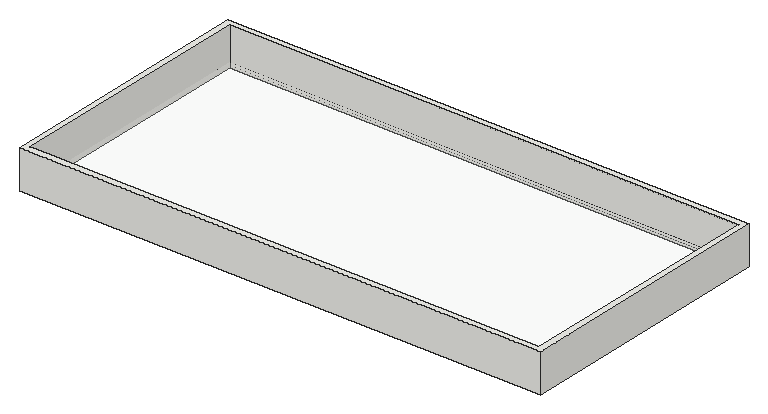
Revit family "LFX_A3-Ceiling-Linear", category Lighting Fixtures, host Ceiling, Revit 2016
Family settings
  Host = Ceiling
  Part Type = Normal
  Round Connector Dimension = Use Diameter
  Always vertical = No
  Cut with Voids When Loaded = No
  Light Source = Yes
  Shared = No
  Room Calculation Point = No
Parameters (values of type "0600 x 1200mm (2 Lamp)")
  Wattage = 32.3141 W
  built-in parameter 1150110 = 1 (stored number, unit not read)
  built-in parameter 1114217 = 1 (stored number, unit not read)
  built-in parameter 1150109 = 1 (stored number, unit not read)
  built-in parameter 1150134 = 3
  built-in parameter 1150113 = 1 (stored number, unit not read)
  Material Diffuser = Glass - White, High Luminance
  built-in parameter 1150105 = 381.97 (stored number, unit not read)
  built-in parameter 1150115 = 1 (stored number, unit not read)
  Light Source Symbol Size = 609.60 mm
  built-in parameter 1150137 = (empty or 0)
  built-in parameter 1150139 = (empty or 0)
  built-in parameter 1150112 = 1 (stored number, unit not read)
  built-in parameter 1150114 = 1 (stored number, unit not read)
  Lamp = "T-12"
  Length = 1200.00 mm
  Material Light Box = Metal - Paint Finish - Ivory,Glossy
  Lumens = 4800 lm
  Width = 600.00 mm
  Keynote = "V"
  built-in parameter 1150132 = 2
  built-in parameter 1150102 = (empty or 0)
  built-in parameter 1150107 = 3200 (stored number, unit not read)
  built-in parameter 1150138 = (empty or 0)
  built-in parameter 1150106 = 3.8197 (stored number, unit not read)
  Emit from Line Length = 1200.00 mm
  built-in parameter 1150104 = 13.8 (stored number, unit not read)
  Dimming Lamp Color Temperature Shift = <None>
  Color Filter = 16777215
  built-in parameter 1114218 = 1 (stored number, unit not read)
  built-in parameter 1150133 = 10 (stored number, unit not read)
Types (5, lengths in mm): name | Wattage | built-in parameter 1150105 | Length | Lumens | Width | built-in parameter 1150106
  (no name) | 32.3141 W | 381.97 (stored number, unit not read) | 1200.00 | 4800 lm | 600.00 | 3.8197 (stored number, unit not read)
  0300 x 1200mm (1 Lamp) | 8.07853 W | 95.493 (stored number, unit not read) | 1200.00 | 1200 lm | 300.00 | 0.95493 (stored number, unit not read)
  0300 x 1200mm (2 Lamp) | 16.1571 W | 190.99 (stored number, unit not read) | 1200.00 | 2400 lm | 300.00 | 1.9099 (stored number, unit not read)
  0600 x 1200mm (2 Lamp) | 32.3141 W | 381.97 (stored number, unit not read) | 1200.00 | 4800 lm | 600.00 | 3.8197 (stored number, unit not read)
  0600 x 0600mm (2 Lamp) | 16.1571 W | 190.99 (stored number, unit not read) | 600.00 | 2400 lm | 600.00 | 1.9099 (stored number, unit not read)
Reference planes
  plane 1 "Light Source Axis": y = 0
  plane 2 "Ceiling": z = 2438.4
  plane 3 "Light Source Axis": x = 0
  plane 4 "Light Source Elevation": z = 2387.6
  plane 5: x = -600
  plane 6: x = 600
  plane 7: y = 300
  plane 8: y = -300
  plane 9: z = 2349.5
  plane 10: z = 2355.85
  plane 11: z = 2362.2
Forms (mm)
  Extrusion 1, solid, material "Metal - Paint Finish - Ivory,Glossy" <- "Material Light Box"
    sketch origin (0, 0, 2438.4) x (1, 0, 0) y (0, 1, 0)
      loop
        line (-600, 300) -> (-600, -300) -> (600, -300) -> (600, 300) -> (-600, 300)
      loop
        line (-587.3, 287.3) -> (-587.3, -287.3) -> (587.3, -287.3) -> (587.3, 287.3) -> (-587.3, 287.3)
    from 0 to -88.9
  Extrusion 2, solid, material "Glass - White, High Luminance" <- "Material Diffuser"
    sketch origin (0, 0, 2438.4) x (1, 0, 0) y (0, 1, 0)
      loop
        line (-587.3, 287.3) -> (-587.3, -287.3) -> (587.3, -287.3) -> (587.3, 287.3) -> (-587.3, 287.3)
    from -82.55 to -76.2
Lines and regions (mm)
  symbolic lines
    curve 1: line (-600, 300, 2438.4) -> (600, 300, 2438.4)
    curve 2: line (-600, -300, 2438.4) -> (-600, 300, 2438.4)
    curve 3: line (600, -300, 2438.4) -> (-600, -300, 2438.4)
    curve 4: line (600, 300, 2438.4) -> (600, -300, 2438.4)
    curve 5: line (-574.6, 274.6, 2438.4) -> (574.6, 274.6, 2438.4)
    curve 6: line (-574.6, -274.6, 2438.4) -> (-574.6, 274.6, 2438.4)
    curve 7: line (574.6, -274.6, 2438.4) -> (-574.6, -274.6, 2438.4)
    curve 8: line (574.6, 274.6, 2438.4) -> (574.6, -274.6, 2438.4)
Dimensions and locks
  equal spacing: host sketch curve, plane 3 "Light Source Axis", host sketch curve
  equal spacing: host sketch curve, plane 1 "Light Source Axis", host sketch curve
  host sketch curve to host sketch curve = 3048.00 mm  (x2)
  "Length": plane 5 to plane 6
  equal spacing: plane 8, plane 1 "Light Source Axis", plane 7
  "Width": plane 8 to plane 7
  equal spacing: plane 5, plane 3 "Light Source Axis", plane 6
  locked: plane 2 "Ceiling" to plane 9 at 88.9
  plane 11 to plane 10 to plane 9 = 6.35 mm locked, 6.35 mm locked
  aligned and locked: plane 2 "Ceiling" to Extrusion 1
  aligned and locked: plane 10 to Extrusion 2
  aligned and locked: Extrusion 2 to plane 11
  aligned and locked: plane 3 "Light Source Axis" to imposter light
  aligned and locked: plane 1 "Light Source Axis" to imposter light
  aligned and locked: plane 4 "Light Source Elevation" to imposter light
Automatic sketch dimensions
  Extrusion 1 sketch curve to plane 5 = 0.00 mm
  Extrusion 1 sketch curve to plane 6 = 0.00 mm
  Extrusion 1 sketch curve to plane 8 = 0.00 mm
  Extrusion 1 sketch curve to plane 7 = 0.00 mm
  Extrusion 1 sketch curve to plane 5 = 12.70 mm
  plane 6 to Extrusion 1 sketch curve = 12.70 mm
  Extrusion 1 sketch curve to Extrusion 1 sketch curve = 12.70 mm  (x2)
  curve 2 to plane 5 = 0.00 mm
  curve 1 to plane 6 = 0.00 mm
  curve 4 to plane 8 = 0.00 mm
  curve 1 to plane 7 = 0.00 mm
  curve 6 to plane 5 = 25.40 mm
  plane 6 to curve 8 = 25.40 mm
  curve 3 to curve 7 = 25.40 mm
  curve 5 to curve 1 = 25.40 mm
  Extrusion 2 sketch curve to plane 5 = 12.70 mm
  plane 6 to Extrusion 2 sketch curve = 12.70 mm
  Extrusion 2 sketch curve to plane 8 = 12.70 mm
  plane 7 to Extrusion 2 sketch curve = 12.70 mm
